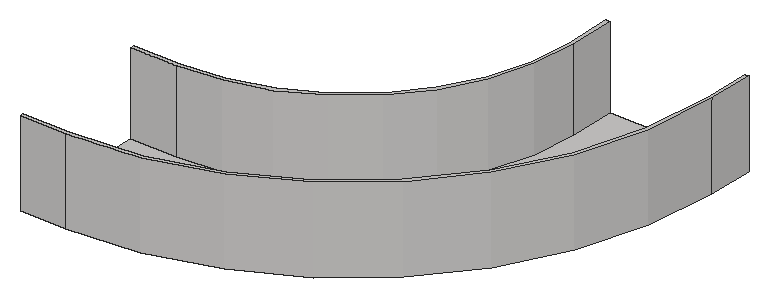
Revit family "Cable_Tray_Fitting-Wire_Mesh_Tray-OBO_Bettermann-Channel_Horizontal_Bend-GR_Magic", category Cable Tray Fittings, Revit 2012
Parameters (values of type "Hot Dipped Galvanised")
  URL = "http://www.obo-bettermann.com/"
  Type Comments = ""
  Tray Width [instance] = 100 mm
  Tray Height [instance] = 60 mm
  Tray Length [instance] = 31.75 mm
  built-in parameter 1140111 [instance] = 0.0084635 (stored number, unit not read)
  Product Page URL = "http://catalog2.obo-bettermann.com/catalogue/catalogue.do?favOid=kts_315619&act=showIO&lang=en&action=start&catId=KTS&forward=showSolutionView"
  Product Documentation Link = ""
  Pre Galvanized = no
  Model = "GR-Magic"
  Manufacturer = "OBO Bettermann"
  Description = "Wire Mesh Cable Tray"
  Connector Description 2 = "Connector for Cable Tray 2"  # constant formula
  Connector Description = "Connector for Cable Tray 1"  # constant formula
  Classification = "Refer to online Catalog for UL and cUL classifed sizes and wire sizes."
  Center to End [instance] = Bend Radius Label * tan(Angle / 2) + Tray Length  # 234.15 mm
  Cable Tray Material = Metal - OBO Bettermann - Hot-Dipped-Galvanised
  Bend Radius Label [instance] = if(Bend Radius_x > 3.175 mm, Bend Radius_x + Tray Width / 2, Tray Width / 2 + 3.175 mm)  # 202.4 mm
  Bend Radius_x [instance] = 152.4 mm
  Assembly Code = "D5030600"
  Angle [instance] = 90.00°
Types (2, lengths in mm): name | Cable Tray Material
  Hot Dipped Galvanised | Metal - OBO Bettermann - Hot-Dipped-Galvanised
  Electro Galvanised | Metal - OBO Bettermann - Electro-Galvanised
Reference planes
  plane 1 "Center (Front/Back)": y = 0
  plane 2: z = 0
  plane 3 "Center (Left/Right)": x = 0
  plane 4: y = 202.4
  plane 5: x = -234.15
  plane 6: x = -202.4
Forms (mm)
  Sweep 1, solid, material "Metal - OBO Bettermann - Hot-Dipped-Galvanised" <- "Cable Tray Material", detail levels medium
    path in 3D
      loop
        line (-234.15, 0, 0) -> (-202.4, 0, 0)
        arc (-202.4, 0, 0) -> (-59.282, 59.282, 0) -> (0, 202.4, 0) r 202.4
        line (0, 202.4, 0) -> (0, 234.15, 0)
    profile "Cable Tray - Channel 2 : Channel" origin (-218.275, 0, 0) x (0, 1, 0) y (0, 0, 1)
      loop
        line (-50, 30) -> (-50, -30) -> (50, -30) -> (50, 30) -> (-50, 30)
  Sweep 2, solid, material "Metal - OBO Bettermann - Hot-Dipped-Galvanised" <- "Cable Tray Material", detail levels fine
    path in 3D
      loop
        line (-234.15, 0, 0) -> (-202.4, 0, 0)
        arc (-202.4, 0, 0) -> (-59.282, 59.282, 0) -> (0, 202.4, 0) r 202.4
        line (0, 202.4, 0) -> (0, 234.15, 0)
    profile "Cable Tray - Channel 1 : Channel" origin (-218.275, 0, 0) x (0, 1, 0) y (0, 0, 1)
      loop
        line (-50, 30) -> (-50, -30) -> (50, -30) -> (50, 30) -> (47.42, 30) -> (47.42, -27.42) -> (-47.42, -27.42) -> (-47.42, 30) -> (-50, 30)
Lines and regions (mm)
  model lines, style "Coarse View", detail levels coarse
    curve 1: arc (-202.4, 0, 0) -> (-59.282, 59.282, 0) -> (0, 202.4, 0) r 202.4
    curve 2: line (-234.15, 0, 0) -> (-202.4, 0, 0)
    curve 3: line (0, 202.4, 0) -> (0, 234.15, 0)
  sketch lines
    curve 4: line (-234.15, 0, 0) -> (-202.4, 0, 0)
    curve 5: arc (-202.4, 0, 0) -> (-59.282, 59.282, 0) -> (0, 202.4, 0) r 202.4
    curve 6: line (0, 202.4, 0) -> (0, 234.15, 0)
    curve 7: line (-234.15, 0, 0) -> (-202.4, 0, 0)
    curve 8: arc (-202.4, 0, 0) -> (-59.282, 59.282, 0) -> (0, 202.4, 0) r 202.4
    curve 9: line (0, 202.4, 0) -> (0, 234.15, 0)
Dimensions and locks
  "Bend Radius Label": plane 4 to plane 1 "Center (Front/Back)"
  "Center to End": plane 5 to plane 3 "Center (Left/Right)"
  "Tray Length": plane 5 to plane 6
  "Tray Length": curve 3 to curve 3
  "Bend Radius Label": radius of curve 1
  "Angle": angle curve 1 to curve 1
  "Angle": angle plane 1 "Center (Front/Back)" to curve 3
  aligned and locked: plane 6 to curve 1
  aligned and locked: plane 4 to curve 1
  aligned and locked: plane 5 to curve 2
  aligned and locked: plane 6 to curve 2
  aligned and locked: plane 1 "Center (Front/Back)" to curve 2
Connectors
  cabletrayconduit at (-234.15, 0, 0), driven by "Tray Height", driven by "Tray Width", driven by "Angle", driven by "Connector Description"
    settings: on Sweep 1, index 1, connector width 100 mm, connector height 60 mm, connector radius 304.8 mm, connector angle 90.00°, system type 32, placement type 0, profile type 1, connector reference index 2, is primary connector yes, connector utility param no, connector description "Connector for Cable Tray 1"
  cabletrayconduit at (0, 234.15, 0), driven by "Tray Height", driven by "Tray Width", driven by "Angle", driven by "Connector Description 2"
    settings: on Sweep 1, index 2, connector width 100 mm, connector height 60 mm, connector radius 304.8 mm, connector angle 90.00°, system type 32, placement type 0, profile type 1, connector reference index 1, is primary connector no, connector utility param no, connector description "Connector for Cable Tray 2"
